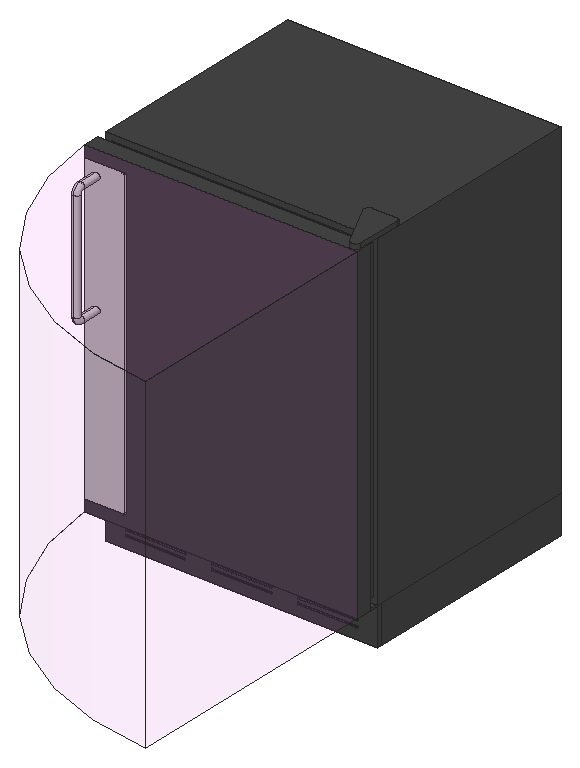
Revit family "QF_Summit_FF6BK7BZ_Refrigerator", category Specialty Equipment, Revit 2020
Family settings
  Round Connector Dimension = Use Diameter
  Part Type = Normal
  Work Plane-Based = No
  Always vertical = Yes
  Cut with Voids When Loaded = No
  Shared = No
  Room Calculation Point = No
Parameters
  Weight in Pounds = 100
  Watts = Volts * FL Amps  # 161 W
  Volts = 115 V
  URL Cutsheet = ""
  Specification by User = ""
  Specification by Manufacturer = ""
  Show LHD [instance] = no
  Right Hinged Door [instance] = not(Show LHD)  # yes
  Serial Number = ""
  Seismic Rating = ""
  SMACNA No = ""
  Revision Code = ""
  Refrigerant Volume = 0.00 kip
  Refrigerant Type = "R600a"
  Phase = 1
  Number of Poles = 1
  NAFEM Spec ID Number = ""
  Model = "FF6BK7BZ"
  Min Ckt Ampacity = 0 A
  Max Overcurrent Protection = 0 A
  Masterspec = ""
  Manufacturer = "Summit"
  Length = 23 5/8"
  Item Number = ""
  Installed By = ""
  Identify Quantity as Lot = yes
  Height = 33"
  HP = ""
  Furnished By = ""
  Foodservice Equipment Identifier = yes
  FL Amps = 1.4 A
  Electrical Remarks = ""
  Electric Connection Type = ""
  Elec Conn RI Height = 0"
  Elec Conn Connection Height = 0"
  Description = "Refrigerator"
  Depth = 22 3/4"
  Default Elevation = 0"
  Cycle = 60 Hz
  Conn Plug = ""
  Conn Conduit = yes
  CSI MasterFormat = ""
  BTUH = 0.0 Btu/h
  Apparent Power = if(Phase = 3, Volts * FL Amps * 1.73, Volts * FL Amps)  # 161 VA
Reference planes (in)
  plane 1 "BACK": y = 0
  plane 2: z = 0
  plane 3 "LEFT": x = 0
  plane 4 "RIGHT": x = 23.625
  plane 5 "FRONT": y = -22.75
  plane 6 "TOP": z = 33
  plane 7 "Center Y": x = 11.8125
  plane 8 "Center X": y = -11.375
  plane 9: z = 32.625
  plane 10: y = -25.25
  plane 11: y = -45.75
  plane 12: y = -0.75
  plane 13: y = -20.5
  plane 14: z = 0.875
  plane 15: z = 4.125
  plane 16: x = 17.46169
Forms (in)
  Extrusion 1, solid, material "QF_Clearances_Door_Drawer", visible <- "Right Hinged Door"
    sketch origin (-5.77638, -180, 4.125) x (0, -1, 0) y (-1, 0, 0)
      loop
        line (-157.25, -29.40138) -> (-134.25, -29.40138)
        arc (-134.25, -29.40138) -> (-141.23315, -13.19152) -> (-157.25, -5.77638) r 24.70896
        line (-157.25, -5.77638) -> (-157.25, -29.40138)
    from 0 to -28.5
  Extrusion 2, solid, material "QF_Metallic_Paint_Black_Smooth"
    sketch origin (-4.07558, -180, 1) x (-1, 0, 0) y (0, -1, 0)
      loop
        line (-4.07558, -179.25) -> (-4.07558, -159.5) -> (-27.70058, -159.5) -> (-27.70058, -179.25) -> (-4.07558, -179.25)
    from 3.125 to 31.625
  Extrusion 3, solid, material "QF_Metallic_Paint_Black_Smooth"
    sketch origin (-5.77638, -180, 4.25) x (-1, 0, 0) y (0, -1, 0)
      loop
        line (-5.77638, -157.25) -> (-29.40138, -157.25) -> (-29.40138, -158.625) -> (-5.77638, -158.625) -> (-5.77638, -157.25)
    from -0.125 to 28.375
  Extrusion 4, solid, material "QF_Metallic_Paint_Black_Smooth"
    sketch origin (23.5, -21.375, 4.25) x (-1, 0, 0) y (0, 0, 1)
      loop
        line (0.375, 0.375) -> (23, 0.375) -> (23, 27.875) -> (0.375, 27.875) -> (0.375, 0.375)
    from 0 to 0.875
  Extrusion 5, solid, material "QF_Metallic_Paint_Black_Smooth", visible <- "Right Hinged Door"
    sketch origin (-5.77638, -180, 32.625) x (-1, 0, 0) y (0, -1, 0)
      loop
        arc (-29.27619, -161.7403) -> (-29.20297, -161.91708) -> (-29.02619, -161.9903) r 0.25
        line (-29.02619, -161.9903) -> (-26.9149, -161.9903)
        arc (-26.9149, -161.9903) -> (-26.55876, -161.78675) -> (-26.55339, -161.37658) r 0.41333
        line (-26.55339, -161.37658) -> (-28.47012, -157.54371)
        arc (-28.47012, -157.54371) -> (-28.95386, -157.33588) -> (-29.27619, -157.75217) r 0.42999
        line (-29.27619, -157.75217) -> (-29.27619, -161.7403)
    from 0 to 0.375
  Extrusion 6, solid, material "QF_Metallic_Paint_Black_Smooth", visible <- "Right Hinged Door"
    sketch origin (-5.77638, -180, 4.125) x (0, 1, 0) y (1, 0, 0)
      loop
        line (159.5, 29.27619) -> (157.75217, 29.27619)
        arc (157.75217, 29.27619) -> (157.33588, 28.95386) -> (157.54371, 28.47012) r 0.42999
        line (157.54371, 28.47012) -> (159.5, 27.5936) -> (159.5, 29.27619)
    from 0 to 0.125
  Extrusion 7, solid, material "QF_Metallic_Paint_Black_Smooth"
    sketch origin (-12.48311, -20.5, 48.75) x (-1, 0, 0) y (0, 0, 1)
      loop
        line (-12.48311, -44.625) -> (-36.10811, -44.625) -> (-36.10811, -47.875) -> (-12.48311, -47.875) -> (-12.48311, -44.625)
      loop
        line (-14.18872, -45.26011) -> (-19.43872, -45.26011) -> (-19.43872, -45.51011) -> (-14.18872, -45.51011) -> (-14.18872, -45.26011)
      loop
        line (-14.18872, -45.76011) -> (-19.43872, -45.76011) -> (-19.43872, -46.01011) -> (-14.18872, -46.01011) -> (-14.18872, -45.76011)
      loop
        line (-14.18872, -46.26011) -> (-19.43872, -46.26011) -> (-19.43872, -46.51011) -> (-14.18872, -46.51011) -> (-14.18872, -46.26011)
      loop
        line (-14.18872, -46.76011) -> (-19.43872, -46.76011) -> (-19.43872, -47.01011) -> (-14.18872, -47.01011) -> (-14.18872, -46.76011)
      loop
        line (-21.67061, -45.26011) -> (-26.92061, -45.26011) -> (-26.92061, -45.51011) -> (-21.67061, -45.51011) -> (-21.67061, -45.26011)
      loop
        line (-21.67061, -45.76011) -> (-26.92061, -45.76011) -> (-26.92061, -46.01011) -> (-21.67061, -46.01011) -> (-21.67061, -45.76011)
      loop
        line (-21.67061, -46.26011) -> (-26.92061, -46.26011) -> (-26.92061, -46.51011) -> (-21.67061, -46.51011) -> (-21.67061, -46.26011)
      loop
        line (-21.67061, -46.76011) -> (-26.92061, -46.76011) -> (-26.92061, -47.01011) -> (-21.67061, -47.01011) -> (-21.67061, -46.76011)
      loop
        line (-34.40249, -45.26011) -> (-34.40249, -45.51011) -> (-29.15249, -45.51011) -> (-29.15249, -45.26011) -> (-34.40249, -45.26011)
      loop
        line (-34.40249, -45.76011) -> (-34.40249, -46.01011) -> (-29.15249, -46.01011) -> (-29.15249, -45.76011) -> (-34.40249, -45.76011)
      loop
        line (-34.40249, -46.26011) -> (-34.40249, -46.51011) -> (-29.15249, -46.51011) -> (-29.15249, -46.26011) -> (-34.40249, -46.26011)
      loop
        line (-34.40249, -46.76011) -> (-34.40249, -47.01011) -> (-29.15249, -47.01011) -> (-29.15249, -46.76011) -> (-34.40249, -46.76011)
    from 0 to 0.25
  Extrusion 8, solid, material "QF_Metallic_Paint_Black_Smooth"
    sketch origin (-12.48311, -1, 48.75) x (-1, 0, 0) y (0, 0, 1)
      loop
        line (-12.48311, -44.625) -> (-36.10811, -44.625) -> (-36.10811, -47.875) -> (-12.48311, -47.875) -> (-12.48311, -44.625)
    from -19.25 to 0.25
  Extrusion 9, solid, material "QF_Metallic_Paint_Black_Smooth"
    sketch origin (0, 0, 0.75) x (1, 0, 0) y (0, 1, 0)
      loop
        circle (3.1104, -18.5) r 0.5
      loop
        circle (3.1104, -2.75) r 0.5
      loop
        circle (20.5146, -18.5) r 0.5
      loop
        circle (20.5146, -2.75) r 0.5
    from -0.75 to 0.125
  Extrusion 10, solid, material "QF_Metal_Stainless_Polished"
    sketch origin (0, -0.75, 1) x (1, 0, 0) y (0, 0, -1)
      loop
        circle (17.46169, -0.84684) r 0.25
    from 0 to 0.25
  Extrusion 11, solid, material "QF_Metallic_Paint_Black_Smooth"
    sketch origin (0, -0.75, 18.5) x (0, -1, 0) y (1, 0, 0)
      loop
        line (-0.75, 1) -> (0, 1) -> (0, 22.625) -> (-0.75, 22.625) -> (-0.75, 1)
    from -13.875 to 13.25
  Sweep 12, solid, material "QF_Metal_Stainless_Polished", visible <- "Right Hinged Door"
    path origin (1, 0, 0.75) x (0, 1, 0) y (0, 0, 1)
      loop
        line (-22.75, 30.125) -> (-24.5, 30.125)
        arc (-24.5, 30.125) -> (-25.03033, 29.90533) -> (-25.25, 29.375) r 0.75
        line (-25.25, 29.375) -> (-25.25, 19.875)
        arc (-25.25, 19.875) -> (-25.03033, 19.34467) -> (-24.5, 19.125) r 0.75
        line (-24.5, 19.125) -> (-22.75, 19.125)
    profile origin (1, -23.625, 30.875) x (0, 0, -1) y (1, 0, 0)
      loop
        circle (0.3, 0) r 0.3
  Extrusion 13, solid, material "QF_Metal_Stainless_Polished", visible <- "Right Hinged Door"
    sketch origin (0, -22.75, 4.25) x (1, 0, 0) y (0, 0, 1)
      loop
        line (0, 0.875) -> (3.375, 0.875)
        arc (3.375, 0.875) -> (3.46339, 0.91161) -> (3.5, 1) r 0.125
        line (3.5, 1) -> (3.5, 27.25)
        arc (3.5, 27.25) -> (3.46339, 27.33839) -> (3.375, 27.375) r 0.125
        line (3.375, 27.375) -> (0, 27.375) -> (0, 0.875)
    from 0 to 0.0625
  Extrusion 14, solid, material "QF_Metallic_Paint_Black_Smooth", visible <- "Show LHD"
    sketch origin (29.40138, -180, 32.625) x (1, 0, 0) y (0, 1, 0)
      loop
        line (-29.27619, 161.7403) -> (-29.27619, 157.75217)
        arc (-29.27619, 157.75217) -> (-28.95386, 157.33588) -> (-28.47012, 157.54371) r 0.42999
        line (-28.47012, 157.54371) -> (-26.55339, 161.37658)
        arc (-26.55339, 161.37658) -> (-26.55876, 161.78675) -> (-26.9149, 161.9903) r 0.41333
        line (-26.9149, 161.9903) -> (-29.02619, 161.9903)
        arc (-29.02619, 161.9903) -> (-29.20297, 161.91708) -> (-29.27619, 161.7403) r 0.25
    from 0 to 0.375
  Extrusion 15, solid, material "QF_Metallic_Paint_Black_Smooth", visible <- "Show LHD"
    sketch origin (29.40138, -180, 4.125) x (0, -1, 0) y (-1, 0, 0)
      loop
        line (-159.5, 29.27619) -> (-159.5, 27.5936) -> (-157.54371, 28.47012)
        arc (-157.54371, 28.47012) -> (-157.33588, 28.95386) -> (-157.75217, 29.27619) r 0.42999
        line (-157.75217, 29.27619) -> (-159.5, 29.27619)
    from 0 to 0.125
  Sweep 16, solid, material "QF_Metal_Stainless_Polished", visible <- "Show LHD"
    path origin (22.625, 0, 0.75) x (0, 1, 0) y (0, 0, -1)
      loop
        line (-22.75, -30.125) -> (-24.5, -30.125)
        arc (-24.5, -30.125) -> (-25.03033, -29.90533) -> (-25.25, -29.375) r 0.75
        line (-25.25, -29.375) -> (-25.25, -19.875)
        arc (-25.25, -19.875) -> (-25.03033, -19.34467) -> (-24.5, -19.125) r 0.75
        line (-24.5, -19.125) -> (-22.75, -19.125)
    profile origin (22.625, -23.625, 30.875) x (0, 0, 1) y (-1, 0, 0)
      loop
        circle (-0.3, 0) r 0.3
  Extrusion 17, solid, material "QF_Metal_Stainless_Polished", visible <- "Show LHD"
    sketch origin (23.625, -22.75, 4.25) x (-1, 0, 0) y (0, 0, -1)
      loop
        line (0, -0.875) -> (0, -27.375) -> (3.375, -27.375)
        arc (3.375, -27.375) -> (3.46339, -27.33839) -> (3.5, -27.25) r 0.125
        line (3.5, -27.25) -> (3.5, -1)
        arc (3.5, -1) -> (3.46339, -0.91161) -> (3.375, -0.875) r 0.125
        line (3.375, -0.875) -> (0, -0.875)
    from 0 to 0.0625
  Extrusion 18, solid, material "QF_Clearances_Door_Drawer", visible <- "Show LHD"
    sketch origin (29.40138, -180, 4.125) x (0, 1, 0) y (1, 0, 0)
      loop
        line (157.25, -29.40138) -> (157.25, -5.77638)
        arc (157.25, -5.77638) -> (141.23315, -13.19152) -> (134.25, -29.40138) r 24.70896
        line (134.25, -29.40138) -> (157.25, -29.40138)
    from 0 to -28.5
Lines and regions (in)
  symbolic lines
    curve 1: line (23.625, -0.75, 0) -> (0, -0.75, 0)
    curve 2: line (22.625, 0, 0) -> (1, 0, 0)
    curve 3: line (1, 0, 0) -> (1, -0.75, 0)
    curve 4: line (22.625, -0.75, 0) -> (22.625, 0, 0)
    curve 5: line (0, -0.75, 0) -> (0, -20.5, 0)
    curve 6: line (23.625, -20.5, 0) -> (23.625, -0.75, 0)
    curve 7: line (0, -20.5, 0) -> (0.11154, -20.5, 0)
    curve 8: line (23.625, -21.375, 0) -> (23.49982, -21.375, 0)
    curve 9: line (0, -22.75, 0) -> (23.625, -22.75, 0)
    curve 10: line (0, -21.375, 0) -> (0, -22.75, 0)
    curve 11: line (23.625, -22.75, 0) -> (23.625, -21.375, 0)
    curve 19: line (23.49982, -20.5, 0) -> (23.625, -20.5, 0)
    curve 20: line (22.15301, -21.375, 0) -> (1.5, -21.375, 0)
    curve 27: line (1.90955, -20.5, 0) -> (21.71545, -20.5, 0)
    curve 29: line (0.12389, -21.375, 0) -> (0, -21.375, 0)
  symbolic lines, visible <- "Right Hinged Door"
    curve 12: line (0.5, -20.5, 0) -> (0.5, -21.375, 0)
    curve 13: line (20.77701, -18.62342, 0) -> (22.69374, -22.45629, 0)
    curve 14: arc (22.69374, -22.45629, 0) -> (23.17748, -22.66412, 0) -> (23.49982, -22.24783, 0) r 0.42999
    curve 15: line (23.49982, -22.24783, 0) -> (23.49982, -18.2597, 0)
    curve 16: arc (23.49982, -18.2597, 0) -> (23.42659, -18.08292, 0) -> (23.24982, -18.0097, 0) r 0.25
    curve 17: line (23.24982, -18.0097, 0) -> (21.13852, -18.0097, 0)
    curve 18: arc (21.13852, -18.0097, 0) -> (20.78238, -18.21325, 0) -> (20.77701, -18.62342, 0) r 0.41333
    curve 21: line (0.69922, -22.75, 0) -> (0.69922, -24.94922, 0)
    curve 22: line (1.30078, -22.75, 0) -> (1.30078, -24.94922, 0)
    curve 23: arc (0.69922, -24.94922, 0) -> (1, -25.25, 0) -> (1.30078, -24.94922, 0) r 0.30078
    curve 26: line (0.11154, -20.5, 0) -> (1.90955, -20.5, 0)
    curve 28: line (1.5, -21.375, 0) -> (0.12389, -21.375, 0)
  symbolic lines, style "QF_Clearances_Door_Drawer", visible <- "Right Hinged Door"
    curve 24: line (23.625, -22.75, 0) -> (3.74264, -34.22908, 0)
    curve 25: arc (3.74264, -34.22908, 0) -> (1.15939, -28.72166, 0) -> (0, -22.75, 0) r 24.70896
  symbolic lines, visible <- "Show LHD"
    curve 30: line (23.125, -20.5, 0) -> (23.125, -21.375, 0)
    curve 31: line (2.84799, -18.62342, 0) -> (0.93126, -22.45629, 0)
    curve 32: arc (0.93126, -22.45629, 0) -> (0.44752, -22.66412, 0) -> (0.12518, -22.24783, 0) r 0.42999
    curve 33: line (0.12518, -22.24783, 0) -> (0.12518, -18.2597, 0)
    curve 34: arc (0.12518, -18.2597, 0) -> (0.19841, -18.08292, 0) -> (0.37518, -18.0097, 0) r 0.25
    curve 35: line (0.37518, -18.0097, 0) -> (2.48648, -18.0097, 0)
    curve 36: arc (2.48648, -18.0097, 0) -> (2.84262, -18.21325, 0) -> (2.84799, -18.62342, 0) r 0.41333
    curve 37: line (22.92578, -22.75, 0) -> (22.92578, -24.94922, 0)
    curve 38: line (22.32422, -22.75, 0) -> (22.32422, -24.94922, 0)
    curve 39: arc (22.92578, -24.94922, 0) -> (22.625, -25.25, 0) -> (22.32422, -24.94922, 0) r 0.30078
    curve 40: line (23.51346, -20.5, 0) -> (21.71545, -20.5, 0)
    curve 41: line (22.125, -21.375, 0) -> (23.49982, -21.375, 0)
  symbolic lines, style "QF_Clearances_Door_Drawer", visible <- "Show LHD"
    curve 42: line (0, -22.75, 0) -> (19.88236, -34.22908, 0)
    curve 43: arc (19.88236, -34.22908, 0) -> (22.46561, -28.72166, 0) -> (23.625, -22.75, 0) r 24.70896
Dimensions and locks (in)
  equal spacing: plane 3 "LEFT", plane 7 "Center Y", plane 4 "RIGHT"
  "Length": plane 3 "LEFT" to plane 4 "RIGHT"
  equal spacing: plane 5 "FRONT", plane 8 "Center X", plane 1 "BACK"
  "Depth": plane 5 "FRONT" to plane 1 "BACK"
  "Height": plane 6 "TOP" to level
  plane 4 "RIGHT" to plane 3 "LEFT" = 23 5/8"
  locked: plane 6 "TOP" to plane 9 at 0.375
  locked: plane 10 to plane 5 "FRONT" at 2.5
  plane 1 "BACK" to plane 12 = 3/4"
  plane 12 to plane 13 = 19 3/4"
  plane 12 to plane 11 = 45"
  plane 14 to plane 2 = 7/8"
  locked: plane 15 to plane 14 at 3.25
  plane 9 to plane 14 = 31 3/4"
  plane 9 to plane 2 = 32 5/8"
  aligned and locked: level to plane 2
Automatic sketch dimensions
  curve 1 to plane 3 "LEFT" = 0"
  curve 42 to plane 3 "LEFT" = 0"
  curve 7 to plane 13 = 0"
  plane 5 "FRONT" to curve 21 = 0"
  curve 3 to plane 12 = 0"
  plane 1 "BACK" to curve 3 = 0"
  curve 40 to plane 13 = 0"
  curve 19 to plane 13 = 0"
  curve 8 to plane 4 "RIGHT" = 0"
  curve 6 to plane 4 "RIGHT" = 0"
  curve 43 to plane 3 "LEFT" = 1.02625"
  plane 3 "LEFT" to curve 7 = 0.11154"
  plane 3 "LEFT" to curve 28 = 0.12389"
  plane 3 "LEFT" to curve 33 = 0.12518"
  curve 33 to curve 34 = 1/4"
  curve 32 to curve 32 = 0.42999"
  plane 3 "LEFT" to curve 21 = 179/256"
  curve 31 to plane 5 "FRONT" = 0.29371"
  curve 21 to curve 31 = 0.23204"
  plane 3 "LEFT" to curve 3 = 1"
  curve 21 to curve 23 = 77/256"
  curve 32 to curve 28 = 0.56874"
  curve 20 to curve 27 = 0.40955"
  curve 34 to curve 35 = 2.1113"
  plane 13 to curve 31 = 1.87658"
  curve 36 to curve 31 = 0.36151"
  plane 3 "LEFT" to curve 24 = 3.74264"
  curve 42 to plane 16 = 2.42066"
  plane 4 "RIGHT" to curve 13 = 2.84799"
  curve 18 to curve 17 = 0.36151"
  plane 10 to curve 38 = 77/256"
  plane 4 "RIGHT" to curve 38 = 1 77/256"
  curve 39 to curve 39 = 77/256"
  plane 4 "RIGHT" to curve 2 = 1"
  curve 13 to plane 5 "FRONT" = 0.29371"
  curve 13 to curve 37 = 0.23204"
  curve 13 to curve 14 = 0.37608"
  plane 4 "RIGHT" to curve 16 = 0.37518"
  plane 4 "RIGHT" to curve 15 = 0.12518"
  curve 25 to plane 4 "RIGHT" = 1.02625"
  plane 5 "FRONT" to curve 24 = 11.47908"
  curve 42 to curve 39 = 9.27986"
  plane 10 to curve 22 = 77/256"
  curve 29 to curve 5 = 7/8"
  curve 8 to curve 6 = 7/8"
  plane 13 to curve 13 = 1.87658"
  curve 31 to curve 36 = 0.20039"
  curve 13 to curve 18 = 0.20039"
  curve 28 to curve 12 = 0.37611"
  curve 41 to curve 20 = 0.02801"
  curve 30 to curve 8 = 0.37482"
  curve 19 to curve 40 = 0.01364"
  curve 41 to curve 8 = 0"
  Extrusion 1 sketch curve to plane 4 "RIGHT" = 0"
  plane 5 "FRONT" to Extrusion 1 sketch curve = 0"
  Extrusion 1 sketch curve to plane 11 = 0"
  Extrusion 1 sketch curve to plane 3 "LEFT" = 0"
  Extrusion 1 sketch curve to plane 13 = 0.56237"
  Extrusion 2 sketch curve to plane 4 "RIGHT" = 0"
  Extrusion 2 sketch curve to plane 3 "LEFT" = 0"
  Extrusion 2 sketch curve to plane 12 = 0"
  Extrusion 2 sketch curve to plane 13 = 0"
  Extrusion 3 sketch curve to plane 4 "RIGHT" = 0"
  Extrusion 3 sketch curve to plane 3 "LEFT" = 0"
  plane 5 "FRONT" to Extrusion 3 sketch curve = 0"
  Extrusion 3 sketch curve to plane 13 = 7/8"
  Extrusion 3 to Extrusion 4 sketch curve = 1/2"  (x3)
  Extrusion 4 sketch curve to Extrusion 3 = 1/2"
  Extrusion 5 sketch curve to Extrusion 3 = 0.12518"
  Extrusion 5 sketch curve to Extrusion 5 sketch curve = 1/4"
  Extrusion 5 sketch curve to Extrusion 5 sketch curve = 0.42999"
  Extrusion 5 sketch curve to Extrusion 3 = 0.29371"
  Extrusion 5 sketch curve to Extrusion 5 sketch curve = 0.37608"
  Extrusion 5 sketch curve to Extrusion 5 sketch curve = 2.1113"
  Extrusion 5 sketch curve to Extrusion 5 sketch curve = 0.36151"
  Extrusion 3 to Extrusion 5 sketch curve = 2.75158"
  Extrusion 5 sketch curve to Extrusion 5 sketch curve = 0.20039"
  Extrusion 6 sketch curve to plane 13 = 0"
  Extrusion 6 sketch curve to plane 5 "FRONT" = 0.50217"
  Extrusion 6 sketch curve to plane 5 "FRONT" = 0.29371"
  plane 4 "RIGHT" to Extrusion 6 sketch curve = 0.12518"
  Extrusion 6 sketch curve to Extrusion 6 sketch curve = 0.42999"
  Extrusion 6 sketch curve to Extrusion 6 sketch curve = 1.6826"
  plane 4 "RIGHT" to Extrusion 7 sketch curve = 0"
  Extrusion 7 sketch curve to plane 3 "LEFT" = 0"
  Extrusion 7 sketch curve to plane 14 = 0"
  Extrusion 7 sketch curve to plane 15 = 0"
  plane 4 "RIGHT" to Extrusion 7 sketch curve = 1.70562"
  Extrusion 7 sketch curve to Extrusion 7 sketch curve = 0"  (x18)
  plane 16 to Extrusion 7 sketch curve = 0.79231"
  plane 14 to Extrusion 7 sketch curve = 0.86489"  (x2)
  Extrusion 7 sketch curve to Extrusion 7 sketch curve = 2.23188"  (x2)
  Extrusion 7 sketch curve to plane 15 = 1.13511"
  Extrusion 7 sketch curve to plane 7 "Center Y" = 2 5/8"
  plane 14 to Extrusion 7 sketch curve = 1.11489"
  plane 3 "LEFT" to Extrusion 7 sketch curve = 1.70562"
  Extrusion 7 sketch curve to Extrusion 7 sketch curve = 1/4"  (x20)
  plane 4 "RIGHT" to Extrusion 8 sketch curve = 0"
  Extrusion 8 sketch curve to plane 3 "LEFT" = 0"
  Extrusion 8 sketch curve to plane 14 = 0"
  Extrusion 8 sketch curve to plane 15 = 0"
  plane 3 "LEFT" to Extrusion 9 sketch curve = 3.1104"  (x2)
  Extrusion 9 sketch curve to plane 16 = 3.05291"  (x2)
  plane 13 to Extrusion 9 sketch curve = 2"  (x2)
  Extrusion 9 sketch curve to plane 12 = 2"  (x2)
  Extrusion 10 sketch curve to Extrusion 2 = 2.27816"
  Extrusion 10 sketch curve to Extrusion 2 = 6.16331"
  plane 1 "BACK" to Extrusion 11 sketch curve = 0"
  Extrusion 11 sketch curve to plane 12 = 0"
  plane 3 "LEFT" to Extrusion 11 sketch curve = 1"
  plane 4 "RIGHT" to Extrusion 11 sketch curve = 1"
  Sweep 12 sketch curve to plane 10 = 0"
  Sweep 12 sketch curve to plane 5 "FRONT" = 0"  (x2)
  plane 10 to Sweep 12 sketch curve = 3/4"  (x2)
  Sweep 12 sketch curve to plane 9 = 12 3/4"
  Sweep 12 sketch curve to plane 9 = 2 1/2"
  Sweep 12 sketch curve to profile plane = 0"
  Sweep 12 sketch curve to profile plane = 0.3"
  Extrusion 13 sketch curve to Extrusion 3 = 0"
  Extrusion 3 to Extrusion 13 sketch curve = 1"  (x2)
  Extrusion 13 sketch curve to Extrusion 13 sketch curve = 3 3/8"
  Extrusion 3 to Extrusion 13 sketch curve = 3 3/8"
  Extrusion 13 sketch curve to Extrusion 13 sketch curve = 1/8"
  Extrusion 14 sketch curve to Extrusion 3 = 0.12518"
  Extrusion 14 sketch curve to Extrusion 14 sketch curve = 1/4"
  Extrusion 14 sketch curve to Extrusion 14 sketch curve = 0.42999"
  Extrusion 14 sketch curve to Extrusion 3 = 0.29371"
  Extrusion 14 sketch curve to Extrusion 14 sketch curve = 0.37608"
  Extrusion 14 sketch curve to Extrusion 14 sketch curve = 2.1113"
  Extrusion 14 sketch curve to Extrusion 14 sketch curve = 0.36151"
  Extrusion 3 to Extrusion 14 sketch curve = 2.75158"
  Extrusion 14 sketch curve to Extrusion 14 sketch curve = 0.20039"
  Extrusion 15 sketch curve to plane 13 = 0"
  plane 3 "LEFT" to Extrusion 15 sketch curve = 0.12518"
  Extrusion 15 sketch curve to plane 5 "FRONT" = 0.50217"
  Extrusion 15 sketch curve to plane 5 "FRONT" = 0.29371"
  Extrusion 15 sketch curve to Extrusion 15 sketch curve = 0.42999"
  Extrusion 15 sketch curve to Extrusion 15 sketch curve = 1.6826"
  Sweep 16 sketch curve to plane 10 = 0"
  Sweep 16 sketch curve to plane 5 "FRONT" = 0"  (x2)
  plane 10 to Sweep 16 sketch curve = 3/4"  (x2)
  Sweep 16 sketch curve to plane 9 = 1 3/4"
  Sweep 16 sketch curve to Sweep 16 sketch curve = 9 1/2"
  profile plane to Sweep 16 sketch curve = 0"
  profile plane to Sweep 16 sketch curve = 0.3"
  Extrusion 3 to Extrusion 17 sketch curve = 0"
  Extrusion 3 to Extrusion 17 sketch curve = 1"  (x2)
  Extrusion 17 sketch curve to Extrusion 17 sketch curve = 3 3/8"  (x2)
  Extrusion 17 sketch curve to Extrusion 17 sketch curve = 1/8"
  Extrusion 18 sketch curve to plane 3 "LEFT" = 0"
  Extrusion 18 sketch curve to plane 11 = 0"
  Extrusion 18 sketch curve to plane 4 "RIGHT" = 0"
  plane 5 "FRONT" to Extrusion 18 sketch curve = 0"
  Extrusion 18 sketch curve to plane 13 = 0.56237"
  radius of Extrusion 9 sketch curve = 1/2"  (x4)
  radius of Extrusion 10 sketch curve = 1/4"
  radius of Sweep 12 sketch curve = 0.3"
  radius of Sweep 16 sketch curve = 0.3"
Connectors (in)
  electrical at (17.46169, -0.5, 1.84684), driven by "Volts", driven by "Watts"
    settings: on Extrusion 10, index 2, voltage 115 V, apparent load 161 VA, apparent load phase1 0 VA, apparent load phase2 0 VA, apparent load phase3 0 VA, power factor 1, load classification "Other", number of poles 1, system type 30, power factor state 1, is connector primary yes, connector utility no, sub classification motor no, connector description ""
